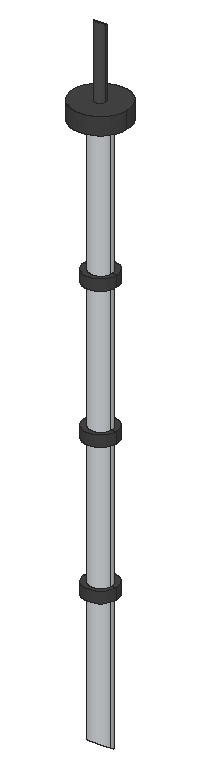
Revit family
Parameters (values of type "25mm")
  built-in parameter 1008623 [instance] = 32.47°
  built-in parameter 1008625 [instance] = (empty or 0)
  Post = no
  built-in parameter 1008624 [instance] = 32.47°
  Baluster Material = none
  built-in parameter 1008622 [instance] = 762 mm
Reference planes
  plane 1 "Center F/B": y = 0
  plane 2: z = 0
  plane 3 "Center L/R": x = 0
  plane 4 "Top": z = 762
  plane 5 "Top Angle Cut": through (0, 345.134, 542.379) normal (0, -0.5369, -0.8437)
  plane 6: z = 862
  plane 7: z = 660.4
  plane 8: z = 495.3
  plane 9: z = 330.2
  plane 10: z = 165.1
  plane 11: z = 680.4
  plane 12: z = -100
  plane 13 "Bottom Angle Cut": through (0, 0, 0) normal (0, -0.5369, -0.8437)
  plane 14: y = 50
  plane 15: x = 50
  plane 16: y = -50
  plane 17: x = -50
Forms (mm)
  Extrusion 1, solid, material <- "Baluster Material"
    sketch origin (0, 0, 0) x (1, 0, 0) y (0, 1, 0)
      loop
        circle (0, 0) r 12.7
    from -100 to 660.4
  Extrusion 2, solid, material "Metal - Chrome"
    sketch origin (0, 0, 0) x (1, 0, 0) y (0, 1, 0)
      loop
        circle (0, 0) r 6.04
    from 680.4 to 862
  Extrusion 3, solid, material "Black - Glossy"
    sketch origin (0, 0, 0) x (1, 0, 0) y (0, 1, 0)
      loop
        circle (0, 0) r 31.75
    from 660.4 to 680.4
  Revolve 4, solid, material "Black - Glossy"
    sketch origin (0, 0, 0) x (1, 0, 0) y (0, 0, 1)
      loop
        line (-12.7, 501.65) -> (-19.05, 501.65) -> (-19.05, 488.95) -> (-12.7, 488.95) -> (-12.7, 501.65)
      loop
        line (-12.7, 336.55) -> (-19.05, 336.55) -> (-19.05, 323.85) -> (-12.7, 323.85) -> (-12.7, 336.55)
      loop
        line (-12.7, 171.45) -> (-19.05, 171.45) -> (-19.05, 158.75) -> (-12.7, 158.75) -> (-12.7, 171.45)
      axis (0, 158.75) -> (0, 501.65)
    angle from 0 to 360
  Extrusion 5, void
    sketch origin (0, 0, 0) x (0, 1, 0) y (0, 0, 1)
      loop
        line (-50, 862) -> (-50, 793.817) -> (50, 730.183) -> (50, 862) -> (-50, 862)
    from -50 to 50
  Extrusion 6, void
    sketch origin (0, 0, 0) x (0, 1, 0) y (0, 0, 1)
      loop
        line (-50, 31.817) -> (-50, -100) -> (50, -100) -> (50, -31.817) -> (-50, 31.817)
    from -50 to 50
Cuts and joins
  Extrusion 5, Extrusion 6 cuts Extrusion 1
  Extrusion 5, Extrusion 6 cuts Extrusion 2
  Extrusion 5, Extrusion 6 cuts Extrusion 3
  Extrusion 5, Extrusion 6 cuts Revolve 4
Dimensions and locks
  "built-in parameter 1008622": plane 2 to plane 4 "Top"
  locked: plane 4 "Top" to plane 6 at 100
  locked: plane 4 "Top" to plane 7 at 101.6
  equal spacing: plane 7, plane 8, plane 9, plane 10, plane 2
  locked: plane 11 to plane 7 at 20
  Revolve 4 sketch curve to plane 8 to Revolve 4 sketch curve = 6.35 mm locked, 6.35 mm locked
  Revolve 4 sketch curve to plane 9 to Revolve 4 sketch curve = 6.35 mm locked, 6.35 mm locked
  Revolve 4 sketch curve to plane 10 to Revolve 4 sketch curve = 6.35 mm locked, 6.35 mm locked
  locked: plane 12 to level at 100
  locked: plane 17 to plane 3 "Center L/R" at 50
  locked: plane 3 "Center L/R" to plane 15 at 50
  locked: plane 1 "Center F/B" to plane 14 at 50
  locked: plane 16 to plane 1 "Center F/B" at 50
  "built-in parameter 1008623": angle plane 4 "Top" to plane 5 "Top Angle Cut"
  "built-in parameter 1008624": angle level to plane 13 "Bottom Angle Cut"
  aligned and locked: Extrusion 2 to plane 6
  aligned and locked: plane 11 to Extrusion 3
  aligned and locked: Extrusion 2 to plane 11
  aligned and locked: Extrusion 3 to plane 7
  aligned and locked: plane 7 to Extrusion 1
  aligned and locked: plane 12 to Extrusion 1
  aligned and locked: Extrusion 5 sketch curve to plane 6
  aligned and locked: plane 16 to Extrusion 5 sketch curve
  aligned and locked: Extrusion 5 sketch curve to plane 14
  aligned and locked: plane 5 "Top Angle Cut" to Extrusion 5 sketch curve
  aligned and locked: plane 17 to Extrusion 5
  aligned and locked: Extrusion 5 to plane 15
  aligned and locked: plane 16 to Extrusion 6 sketch curve
  aligned and locked: plane 12 to Extrusion 6 sketch curve
  aligned and locked: Extrusion 6 sketch curve to plane 14
  aligned and locked: Extrusion 6 sketch curve to plane 13 "Bottom Angle Cut"
  aligned and locked: plane 17 to Extrusion 6
  aligned and locked: Extrusion 6 to plane 15
Automatic sketch dimensions
  Extrusion 1 sketch curve to plane 1 "Center F/B" = 0 mm
  Extrusion 1 sketch curve to plane 3 "Center L/R" = 0 mm
  Extrusion 1 sketch curve to plane 3 "Center L/R" = 12.7 mm
  Extrusion 2 sketch curve to plane 1 "Center F/B" = 0 mm
  Extrusion 2 sketch curve to plane 3 "Center L/R" = 0 mm
  Extrusion 2 sketch curve to plane 3 "Center L/R" = 6.04 mm
  Extrusion 3 sketch curve to plane 1 "Center F/B" = 0 mm
  Extrusion 3 sketch curve to plane 3 "Center L/R" = 0 mm
  Extrusion 3 sketch curve to plane 3 "Center L/R" = 31.75 mm
  Revolve 4 sketch curve to plane 3 "Center L/R" = 0 mm
  Revolve 4 sketch curve to plane 3 "Center L/R" = 19.05 mm  (x3)
  Revolve 4 sketch curve to Revolve 4 sketch curve = 6.35 mm  (x3)
  Revolve 4 sketch curve to Revolve 4 sketch curve = 11.803 mm
  Revolve 4 sketch curve to Revolve 4 sketch curve = 35.621 mm
